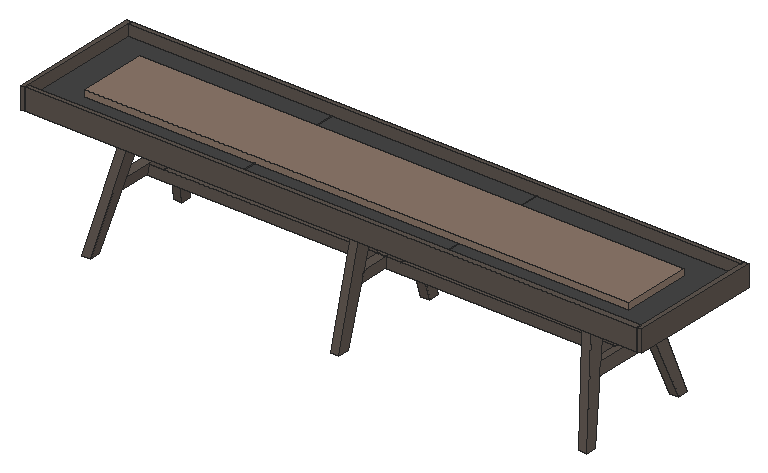
Revit family "OFS_RIFF_SHUFFLEBOARD_TABLE_RF-14431SHB", category Furniture, Revit 2013
Parameters (values of type "RIFF_RF-14431SHB_SHUFFLEBOARD_TABLE")
  URL = "http://ofsbrands.com/products/tables/conference-tables/riff"
  SHFFBRD = RIFF SHUFFLEBOARD
  LEG = RIFF LAM/WD LEG
  ENVIRONMENTAL = "http://ofsbrands.ecoscorecard.com/"
  TOP CORE = RIFF LAM/WD SURFACE
  Manufacturer = "OFS"
  MODEL NUMBER = "RF-14431SHB"
  MANUFACTURERS' CODE = "OFS"
  EDGE SHAPE = RIFF LAM/WD  EDGE
  Description = "SHUFFLEBOARD TABLE 144X31X31"
  CATALOG CODE = "OFS"
Reference planes (in)
  plane 1 "Center Front/Back": y = 3
  plane 2: z = 0
  plane 3 "Center Left/Right": x = 0.00036
  plane 4 "DESK TOP": z = 27
  plane 5 "UNDERSURF": z = 26
  plane 6: x = -71.99964
  plane 7: x = 72.00036
  plane 8: z = 14.651
  plane 9: y = 18.5
  plane 10: y = -12.5
  plane 11: x = -70.99964
  plane 12: x = 71.00036
  plane 13: y = -11.5
  plane 14: y = 17.5
  plane 15 "RAIL TOP": z = 31
  plane 16: z = 27.838
  plane 17: z = 28.526
  plane 18: z = 30.026
Forms (in)
  Extrusion 1, solid, material "RIFF LAM/WD SURFACE" <- "TOP CORE"
    sketch origin (0, 0, 27.188) x (0, 1, 0) y (-1, 0, 0)
      loop
        line (-11.5, 70.99964) -> (-11.5, -71.00036) -> (17.5, -71.00036) -> (17.5, 70.99964) -> (-11.5, 70.99964)
    from -1.188 to -0.188
  Extrusion 2, solid, material "RIFF LAM/WD LEG" <- "LEG"
    sketch origin (0, 18.375, -2.099) x (-1, 0, 0) y (0, 0, 1)
      loop
        line (52.41056, 25.6744) -> (51.98304, 28.099) -> (1.00086, 28.099) -> (1.00086, 25.59837) -> (-1.00036, 25.59837) -> (-1.00036, 28.099) -> (-51.98376, 28.099) -> (-52.41128, 25.6744) -> (-49.6826, 24.099) -> (49.68188, 24.099) -> (52.41056, 25.6744)
    from -9.75 to -8.25
  Extrusion 3, solid, material "RIFF LAM/WD LEG" <- "LEG"
    sketch origin (0, 12, -14.982) x (-1, 0, 0) y (0, 0, 1)
      loop
        line (53.98418, 29.633) -> (-53.9849, 29.633) -> (-54.41902, 27.17098) -> (54.4183, 27.17098) -> (53.98418, 29.633)
    from -9.75 to -8.25
  Extrusion 4, solid, material "RIFF LAM/WD LEG" <- "LEG"
    sketch origin (-60.03223, -46.6751, -8.1246) x (0, 1, 0) y (0.173648, 0, 0.984808)
      loop
        line (64.21744, 8.24993) -> (57.04874, 35.00389) -> (42.30146, 35.00389) -> (35.13276, 8.24993) -> (37.52916, 8.24993) -> (44.51181, 30.3935)
        arc (44.51181, 30.3935) -> (45.60525, 31.91931) -> (47.38926, 32.50326) r 3.01712
        line (47.38926, 32.50326) -> (51.96094, 32.50326)
        arc (51.96094, 32.50326) -> (53.74495, 31.91931) -> (54.83839, 30.3935) r 3.01712
        line (54.83839, 30.3935) -> (61.82104, 8.24993) -> (64.21744, 8.24993)
    from 0 to 2.00122
  Extrusion 5, void
    sketch origin (-30.06304, 12, 0.037) x (-1, 0, 0) y (0, 0, 1)
      loop
        line (30.58369, -0.037) -> (25, -0.037) -> (25, -1.037) -> (30.58369, -1.037) -> (30.58369, -0.037)
    from -26.70107 to 8
  Extrusion 6, solid, material "RIFF LAM/WD LEG" <- "LEG"
    sketch origin (60.03295, -46.6751, -8.1246) x (0, 1, 0) y (0.173648, 0, -0.984808)
      loop
        line (64.21744, -8.24993) -> (61.82104, -8.24993) -> (54.83839, -30.3935)
        arc (54.83839, -30.3935) -> (53.74495, -31.91931) -> (51.96094, -32.50326) r 3.01712
        line (51.96094, -32.50326) -> (47.38926, -32.50326)
        arc (47.38926, -32.50326) -> (45.60525, -31.91931) -> (44.51181, -30.3935) r 3.01712
        line (44.51181, -30.3935) -> (37.52916, -8.24993) -> (35.13276, -8.24993) -> (42.30146, -35.00389) -> (57.04874, -35.00389) -> (64.21744, -8.24993)
    from 0 to 2.00122
  Extrusion 7, void
    sketch origin (29.10036, 13.52693, 0.037) x (1, 0, 0) y (0, 0, -1)
      loop
        line (32.625, 0.037) -> (32.625, 1.037) -> (26.375, 1.037) -> (26.375, 0.037) -> (32.625, 0.037)
    from -28.228 to 6.47307
  Extrusion 8, void
    sketch origin (0.00072, 3, -2.099) x (1, 0, 0) y (0, 0, 1)
      loop
        line (-55.06376, 28.099) -> (55.47464, 28.099) -> (55.47464, 28.849) -> (-55.06376, 28.849) -> (-55.06376, 28.099)
    from -11.41698 to 11
  Extrusion 9, solid, material "RIFF LAM/WD LEG" <- "LEG"
    sketch origin (1.00036, -46.6751, -9.00389) x (0, 1, 0) y (0, 0, -1)
      loop
        line (64.0151, -9.00389) -> (61.58297, -9.00389) -> (54.83807, -30.3935)
        arc (54.83807, -30.3935) -> (53.74463, -31.91931) -> (51.96062, -32.50326) r 3.01712
        line (51.96062, -32.50326) -> (47.38091, -32.50326)
        arc (47.38091, -32.50326) -> (45.5969, -31.91931) -> (44.50346, -30.3935) r 3.01712
        line (44.50346, -30.3935) -> (37.75856, -9.00389) -> (35.3351, -9.00389) -> (42.29311, -35.00389) -> (57.04842, -35.00389) -> (64.0151, -9.00389)
    from 0 to 2.00122
  Extrusion 10, solid, material "RIFF LAM/WD LEG" <- "LEG"
    sketch origin (0, 0, -2.099) x (0, 1, 0) y (0, 0, 1)
      loop
        line (-4.29656, 16.75) -> (-5.06535, 14.312) -> (2.25, 14.312) -> (2.25, 16.75) -> (-4.29656, 16.75)
      loop
        line (10.28789, 16.75) -> (3.75, 16.75) -> (3.75, 14.312) -> (11.05668, 14.312) -> (10.28789, 16.75)
    from -1.00086 to 1.00036
  Extrusion 11, solid, material "RIFF LAM/WD LEG" <- "LEG"
    sketch origin (-57.87795, 0, -1.67082) x (0, 1, 0) y (0.173648, 0, 0.984808)
      loop
        line (-4.34342, 16.75) -> (-5.13176, 14.25) -> (11.13176, 14.25) -> (10.34342, 16.75) -> (-4.34342, 16.75)
    from -1.00086 to 1.00036
  Extrusion 12, solid, material "RIFF LAM/WD LEG" <- "LEG"
    sketch origin (57.87916, 0, -1.67073) x (0, 1, 0) y (-0.173648, 0, 0.984808)
      loop
        line (-4.34342, 16.75) -> (-5.13176, 14.25) -> (11.13176, 14.25) -> (10.34342, 16.75) -> (-4.34342, 16.75)
    from -1.00086 to 1.00036
  Extrusion 13, solid, material "RIFF LAM/WD LEG" <- "LEG"
    sketch origin (0, -12.375, -2.099) x (-1, 0, 0) y (0, 0, -1)
      loop
        line (52.41056, -25.6744) -> (49.68188, -24.099) -> (-49.6826, -24.099) -> (-52.41128, -25.6744) -> (-51.98376, -28.099) -> (-1.00036, -28.099) -> (-1.00036, -25.59837) -> (1.00086, -25.59837) -> (1.00086, -28.099) -> (51.98304, -28.099) -> (52.41056, -25.6744)
    from -9.75 to -8.25
  Extrusion 14, solid, material "RIFF LAM/WD LEG" <- "LEG"
    sketch origin (-12.06304, 3, -2.099) x (1, 0, 0) y (0, 0, 1)
      loop
        line (-41.92113, 16.75) -> (-38.3856, 16.75) -> (-30.57213, 24.56347) -> (-30.57213, 28.099) -> (-41.92113, 16.75)
    from -0.75 to 0.75
  Extrusion 15, solid, material "RIFF LAM/WD LEG" <- "LEG"
    sketch origin (-12.06304, 3, -2.099) x (1, 0, 0) y (0, 0, 1)
      loop
        line (-30.57213, 28.099) -> (-30.57213, 24.474) -> (-29.07213, 24.474) -> (-29.07213, 28.099) -> (-30.57213, 28.099)
    from -5.625 to 5.625
  Extrusion 16, solid, material "RIFF LAM/WD LEG" <- "LEG"
    sketch origin (12.06376, 3, -2.099) x (-1, 0, 0) y (0, 0, -1)
      loop
        line (-41.92113, -16.75) -> (-30.57213, -28.099) -> (-30.57213, -24.56347) -> (-38.3856, -16.75) -> (-41.92113, -16.75)
    from -0.75 to 0.75
  Extrusion 17, solid, material "RIFF LAM/WD LEG" <- "LEG"
    sketch origin (12.06376, 3, -2.099) x (-1, 0, 0) y (0, 0, -1)
      loop
        line (-30.57213, -28.099) -> (-29.07213, -28.099) -> (-29.07213, -24.474) -> (-30.57213, -24.474) -> (-30.57213, -28.099)
    from -5.625 to 5.625
  Extrusion 18, solid, material "RIFF LAM/WD LEG" <- "LEG"
    sketch origin (-42.922, 3, -2.099) x (-1, 0, 0) y (0, 0, -1)
      loop
        line (-41.92113, -16.75) -> (-30.57213, -28.099) -> (-30.57213, -24.56347) -> (-38.3856, -16.75) -> (-41.92113, -16.75)
    from -0.75 to 0.75
  Extrusion 19, solid, material "RIFF LAM/WD LEG" <- "LEG"
    sketch origin (-42.922, 3, -2.099) x (-1, 0, 0) y (0, 0, -1)
      loop
        line (-30.57213, -28.099) -> (-29.07213, -28.099) -> (-29.07213, -24.474) -> (-30.57213, -24.474) -> (-30.57213, -28.099)
    from -5.625 to 5.625
  Extrusion 20, solid, material "RIFF LAM/WD LEG" <- "LEG"
    sketch origin (42.9215, 3, -2.099) x (1, 0, 0) y (0, 0, 1)
      loop
        line (-41.92113, 16.75) -> (-38.3856, 16.75) -> (-30.57213, 24.56347) -> (-30.57213, 28.099) -> (-41.92113, 16.75)
    from -0.75 to 0.75
  Extrusion 21, solid, material "RIFF LAM/WD LEG" <- "LEG"
    sketch origin (42.9215, 3, -2.099) x (1, 0, 0) y (0, 0, 1)
      loop
        line (-30.57213, 28.099) -> (-30.57213, 24.474) -> (-29.07213, 24.474) -> (-29.07213, 28.099) -> (-30.57213, 28.099)
    from -5.625 to 5.625
  Extrusion 22, solid, material "RIFF LAM/WD  EDGE" <- "EDGE SHAPE"
    sketch origin (0, 0, 26) x (0, 1, 0) y (-1, 0, 0)
      loop
        line (-12.5, 71.99964) -> (-12.5, 70.99964) -> (18.5, 70.99964) -> (18.5, 71.99964) -> (-12.5, 71.99964)
      loop
        line (-12.5, -72.00036) -> (18.5, -72.00036) -> (18.5, -71.00036) -> (-12.5, -71.00036) -> (-12.5, -72.00036)
    from 0 to 5
  Extrusion 23, solid, material "RIFF LAM/WD  EDGE" <- "EDGE SHAPE"
    sketch origin (0, 0, 26) x (0, 1, 0) y (-1, 0, 0)
      loop
        line (-12.5, -71.00036) -> (-11.5, -71.00036) -> (-11.5, 70.99964) -> (-12.5, 70.99964) -> (-12.5, -71.00036)
      loop
        line (18.5, -71.00036) -> (18.5, 70.99964) -> (17.5, 70.99964) -> (17.5, -71.00036) -> (18.5, -71.00036)
    from 0 to 5
  Extrusion 24, solid, material "RIFF LAM/WD SURFACE" <- "TOP CORE"
    sketch origin (0, 0, 27) x (0, 1, 0) y (-1, 0, 0)
      loop
        line (17.5, 70.99964) -> (-11.5, 70.99964) -> (-11.5, 66.99964) -> (17.5, 66.99964) -> (17.5, 70.99964)
    from 0 to 0.838
  Extrusion 25, solid, material "RIFF LAM/WD SURFACE" <- "TOP CORE"
    sketch origin (19.75, 0, 27) x (0, 1, 0) y (-1, 0, 0)
      loop
        line (17.5, 70.99964) -> (-11.5, 70.99964) -> (-11.5, 66.99964) -> (17.5, 66.99964) -> (17.5, 70.99964)
    from 0 to 0.838
  Extrusion 26, solid, material "RIFF LAM/WD SURFACE" <- "TOP CORE"
    sketch origin (39.5, 0, 27) x (0, 1, 0) y (-1, 0, 0)
      loop
        line (17.5, 70.99964) -> (-11.5, 70.99964) -> (-11.5, 66.99964) -> (17.5, 66.99964) -> (17.5, 70.99964)
    from 0 to 0.838
  Extrusion 27, solid, material "RIFF LAM/WD SURFACE" <- "TOP CORE"
    sketch origin (138, 0, 27) x (0, 1, 0) y (-1, 0, 0)
      loop
        line (17.5, 70.99964) -> (-11.5, 70.99964) -> (-11.5, 66.99964) -> (17.5, 66.99964) -> (17.5, 70.99964)
    from 0 to 0.838
  Extrusion 28, solid, material "RIFF LAM/WD SURFACE" <- "TOP CORE"
    sketch origin (118.25, 0, 27) x (0, 1, 0) y (-1, 0, 0)
      loop
        line (17.5, 70.99964) -> (-11.5, 70.99964) -> (-11.5, 66.99964) -> (17.5, 66.99964) -> (17.5, 70.99964)
    from 0 to 0.838
  Extrusion 29, solid, material "RIFF LAM/WD SURFACE" <- "TOP CORE"
    sketch origin (98.5, 0, 27) x (0, 1, 0) y (-1, 0, 0)
      loop
        line (17.5, 70.99964) -> (-11.5, 70.99964) -> (-11.5, 66.99964) -> (17.5, 66.99964) -> (17.5, 70.99964)
    from 0 to 0.838
  Extrusion 30, solid, material "RIFF LAM/WD SURFACE" <- "TOP CORE"
    sketch origin (78.75, 0, 27) x (0, 1, 0) y (-1, 0, 0)
      loop
        line (17.5, 70.99964) -> (-11.5, 70.99964) -> (-11.5, 66.99964) -> (17.5, 66.99964) -> (17.5, 70.99964)
    from 0 to 0.838
  Extrusion 31, solid, material "RIFF LAM/WD SURFACE" <- "TOP CORE"
    sketch origin (59.25, 0, 27) x (0, 1, 0) y (-1, 0, 0)
      loop
        line (17.5, 70.99964) -> (-11.5, 70.99964) -> (-11.5, 66.99964) -> (17.5, 66.99964) -> (17.5, 70.99964)
    from 0 to 0.838
  Extrusion 32, solid, material "RIFF LAM/WD SURFACE" <- "TOP CORE"
    sketch origin (6.667, 0, 30.276) x (0, 1, 0) y (-1, 0, 0)
      loop
        line (-11.5, -17.00036) -> (-11.5, -64.33336) -> (17.5, -64.33336) -> (17.5, -17.00036) -> (-11.5, -17.00036)
    from -2.438 to -1.75
  Extrusion 33, solid, material "RIFF LAM/WD SURFACE" <- "TOP CORE"
    sketch origin (-88, 0, 30.276) x (0, 1, 0) y (-1, 0, 0)
      loop
        line (-11.5, -17.00036) -> (-11.5, -64.33336) -> (17.5, -64.33336) -> (17.5, -17.00036) -> (-11.5, -17.00036)
    from -2.438 to -1.75
  Extrusion 34, solid, material "RIFF LAM/WD SURFACE" <- "TOP CORE"
    sketch origin (-40.6665, 0, 30.276) x (0, 1, 0) y (-1, 0, 0)
      loop
        line (-11.5, -17.00036) -> (-11.5, -64.33336) -> (17.5, -64.33336) -> (17.5, -17.00036) -> (-11.5, -17.00036)
    from -2.438 to -1.75
  Extrusion 35, solid, material "RIFF SHUFFLEBOARD" <- "SHFFBRD"
    sketch origin (0, 0, 29.1341) x (0, 1, 0) y (-1, 0, 0)
      loop
        line (11, 62.99964) -> (-5, 62.99964) -> (-5, -63.00036) -> (11, -63.00036) -> (11, 62.99964)
    from -0.6081 to 0.8919
Cuts and joins
  Extrusion 5, Extrusion 7, Extrusion 8 cuts Extrusion 4
  Extrusion 7, Extrusion 8 cuts Extrusion 6
  Extrusion 8 cuts Extrusion 2
Lines and regions (in)
  Masking region 1
    outline origin (0, 0, 0) x (1, 0, 0) y (0, 1, 0)
      loop
        line (-62.99964, 11) -> (-62.99964, -5) -> (63.00036, -5) -> (63.00036, 11) -> (-62.99964, 11)
  Masking region 2
    outline origin (0, 0, 0) x (1, 0, 0) y (0, 1, 0)
      loop
        line (-70.99964, 18.5) -> (-71.99964, 18.5) -> (-71.99964, -12.5) -> (-70.99964, -12.5) -> (-70.99964, 18.5)
      loop
        line (71.00036, 18.5) -> (71.00036, -12.5) -> (72.00036, -12.5) -> (72.00036, 18.5) -> (71.00036, 18.5)
  Masking region 3
    outline origin (0, 0, 0) x (1, 0, 0) y (0, 1, 0)
      loop
        line (-70.99964, 18.5) -> (-70.99964, 17.5) -> (71.00036, 17.5) -> (71.00036, 18.5) -> (-70.99964, 18.5)
      loop
        line (-70.99964, -12.5) -> (71.00036, -12.5) -> (71.00036, -11.5) -> (-70.99964, -11.5) -> (-70.99964, -12.5)
  Masking region 4
    outline origin (0, 0, 0) x (1, 0, 0) y (0, 1, 0)
      loop
        line (-23.66614, 17.5) -> (-23.66614, 11) -> (23.66736, 11) -> (23.66736, 17.5) -> (-23.66614, 17.5)
      loop
        line (-23.66614, -11.5) -> (23.66736, -11.5) -> (23.66736, -5) -> (-23.66614, -5) -> (-23.66614, -11.5)
  Masking region 5
    outline origin (0, 0, 0) x (1, 0, 0) y (0, 1, 0)
      loop
        line (-23.66614, 11) -> (-23.66614, 17.5) -> (-70.99964, 17.5) -> (-70.99964, -11.5) -> (-23.66614, -11.5) -> (-23.66614, -5) -> (-62.99964, -5) -> (-62.99964, 11) -> (-23.66614, 11)
      loop
        line (23.66736, 11) -> (63.00036, 11) -> (63.00036, -5) -> (23.66736, -5) -> (23.66736, -11.5) -> (71.00036, -11.5) -> (71.00036, 17.5) -> (23.66736, 17.5) -> (23.66736, 11)
Dimensions and locks (in)
  Extrusion 5 sketch curve to Extrusion 5 sketch curve = 1.000"
  Extrusion 3 sketch curve to Extrusion 3 sketch curve = 2.46202"
  Extrusion 7 sketch curve to Extrusion 7 sketch curve = 1.000"
  plane 9 to plane 14 to plane 1 "Center Front/Back" to plane 13 to plane 10 = 1.000" locked, 14.500" locked, 14.500" locked, 1.000" locked
  plane 6 to plane 11 to plane 3 "Center Left/Right" to plane 12 to plane 7 = 1.000" locked, 71.000" locked, 71.000" locked, 1.000" locked
  aligned and locked: plane 4 "DESK TOP" to Extrusion 1
  aligned and locked: Extrusion 1 to plane 5 "UNDERSURF"
  aligned and locked: plane 8 to Extrusion 3
  aligned and locked: Extrusion 7 to Extrusion 5
  aligned and locked: plane 15 "RAIL TOP" to Extrusion 22
  aligned and locked: plane 15 "RAIL TOP" to Extrusion 23
